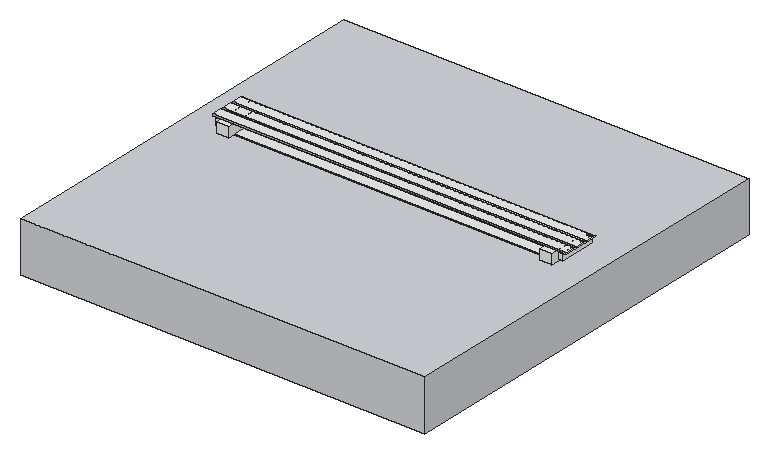
Revit family "Runtal-EB3-120D-120-Volts-84", category Mechanical Equipment, host Face, Revit 2026 (continued)
Forms (ft)
  Extrusion 73, solid, material "Metal, Paint Finish, White,Gloss", not visible
    sketch origin (0.923027, 0, 0.018283) x (0, 1, 0) y (0, 0, 1)
      loop
        line (-0.381197, 0.773542) -> (-0.325662, 0.773542) -> (-0.325662, 0.576296) -> (-0.318697, 0.576296) -> (-0.318697, 0.781154) -> (-0.372929, 0.781154) -> (-0.372929, 0.817004) -> (-0.381197, 0.817004) -> (-0.381197, 0.773542)
    from 0.931139 to 0.972806
  Extrusion 74, solid, material "Metal, Paint Finish, White,Gloss", not visible
    sketch origin (0.839694, 0, 0.018283) x (0, 1, 0) y (0, 0, 1)
      loop
        line (-0.381197, 0.773542) -> (-0.325662, 0.773542) -> (-0.325662, 0.576296) -> (-0.318697, 0.576296) -> (-0.318697, 0.781154) -> (-0.372929, 0.781154) -> (-0.372929, 0.817004) -> (-0.381197, 0.817004) -> (-0.381197, 0.773542)
    from 0.931139 to 0.972806
  Extrusion 75, solid, material "Metal, Paint Finish, White,Gloss", not visible
    sketch origin (0.756361, 0, 0.018283) x (0, 1, 0) y (0, 0, 1)
      loop
        line (-0.381197, 0.773542) -> (-0.325662, 0.773542) -> (-0.325662, 0.576296) -> (-0.318697, 0.576296) -> (-0.318697, 0.781154) -> (-0.372929, 0.781154) -> (-0.372929, 0.817004) -> (-0.381197, 0.817004) -> (-0.381197, 0.773542)
    from 0.931139 to 0.972806
  Extrusion 76, solid, material "Metal, Paint Finish, White,Gloss", not visible
    sketch origin (0.673027, 0, 0.018283) x (0, 1, 0) y (0, 0, 1)
      loop
        line (-0.381197, 0.773542) -> (-0.325662, 0.773542) -> (-0.325662, 0.576296) -> (-0.318697, 0.576296) -> (-0.318697, 0.781154) -> (-0.372929, 0.781154) -> (-0.372929, 0.817004) -> (-0.381197, 0.817004) -> (-0.381197, 0.773542)
    from 0.931139 to 0.972806
  Extrusion 77, solid, material "Metal, Paint Finish, White,Gloss", not visible
    sketch origin (0.589694, 0, 0.018283) x (0, 1, 0) y (0, 0, 1)
      loop
        line (-0.381197, 0.773542) -> (-0.325662, 0.773542) -> (-0.325662, 0.576296) -> (-0.318697, 0.576296) -> (-0.318697, 0.781154) -> (-0.372929, 0.781154) -> (-0.372929, 0.817004) -> (-0.381197, 0.817004) -> (-0.381197, 0.773542)
    from 0.931139 to 0.972806
  Extrusion 78, solid, material "Metal, Paint Finish, White,Gloss", not visible
    sketch origin (0.506361, 0, 0.018283) x (0, 1, 0) y (0, 0, 1)
      loop
        line (-0.381197, 0.773542) -> (-0.325662, 0.773542) -> (-0.325662, 0.576296) -> (-0.318697, 0.576296) -> (-0.318697, 0.781154) -> (-0.372929, 0.781154) -> (-0.372929, 0.817004) -> (-0.381197, 0.817004) -> (-0.381197, 0.773542)
    from 0.931139 to 0.972806
  Extrusion 79, solid, material "Metal, Paint Finish, White,Gloss", not visible
    sketch origin (0.423027, 0, 0.018283) x (0, 1, 0) y (0, 0, 1)
      loop
        line (-0.381197, 0.773542) -> (-0.325662, 0.773542) -> (-0.325662, 0.576296) -> (-0.318697, 0.576296) -> (-0.318697, 0.781154) -> (-0.372929, 0.781154) -> (-0.372929, 0.817004) -> (-0.381197, 0.817004) -> (-0.381197, 0.773542)
    from 0.931139 to 0.972806
  Extrusion 80, solid, material "Metal, Paint Finish, White,Gloss", not visible
    sketch origin (0.339694, 0, 0.018283) x (0, 1, 0) y (0, 0, 1)
      loop
        line (-0.381197, 0.773542) -> (-0.325662, 0.773542) -> (-0.325662, 0.576296) -> (-0.318697, 0.576296) -> (-0.318697, 0.781154) -> (-0.372929, 0.781154) -> (-0.372929, 0.817004) -> (-0.381197, 0.817004) -> (-0.381197, 0.773542)
    from 0.931139 to 0.972806
  Extrusion 81, solid, material "Metal, Paint Finish, White,Gloss", not visible
    sketch origin (0.256361, 0, 0.018283) x (0, 1, 0) y (0, 0, 1)
      loop
        line (-0.381197, 0.773542) -> (-0.325662, 0.773542) -> (-0.325662, 0.576296) -> (-0.318697, 0.576296) -> (-0.318697, 0.781154) -> (-0.372929, 0.781154) -> (-0.372929, 0.817004) -> (-0.381197, 0.817004) -> (-0.381197, 0.773542)
    from 0.931139 to 0.972806
  Extrusion 82, solid, material "Metal, Paint Finish, White,Gloss", not visible
    sketch origin (0.173027, 0, 0.018283) x (0, 1, 0) y (0, 0, 1)
      loop
        line (-0.381197, 0.773542) -> (-0.325662, 0.773542) -> (-0.325662, 0.576296) -> (-0.318697, 0.576296) -> (-0.318697, 0.781154) -> (-0.372929, 0.781154) -> (-0.372929, 0.817004) -> (-0.381197, 0.817004) -> (-0.381197, 0.773542)
    from 0.931139 to 0.972806
  Extrusion 83, solid, material "Metal, Paint Finish, White,Gloss", not visible
    sketch origin (0.089694, 0, 0.018283) x (0, 1, 0) y (0, 0, 1)
      loop
        line (-0.381197, 0.773542) -> (-0.325662, 0.773542) -> (-0.325662, 0.576296) -> (-0.318697, 0.576296) -> (-0.318697, 0.781154) -> (-0.372929, 0.781154) -> (-0.372929, 0.817004) -> (-0.381197, 0.817004) -> (-0.381197, 0.773542)
    from 0.931139 to 0.972806
  Extrusion 84, solid, material "Metal, Paint Finish, White,Gloss", not visible
    sketch origin (0.006361, 0, 0.018283) x (0, 1, 0) y (0, 0, 1)
      loop
        line (-0.381197, 0.773542) -> (-0.325662, 0.773542) -> (-0.325662, 0.576296) -> (-0.318697, 0.576296) -> (-0.318697, 0.781154) -> (-0.372929, 0.781154) -> (-0.372929, 0.817004) -> (-0.381197, 0.817004) -> (-0.381197, 0.773542)
    from 0.931139 to 0.972806
  Extrusion 85, solid, material "Metal, Paint Finish, White,Gloss", not visible
    sketch origin (2, 0.25, 0) x (1, 0, 0) y (0, 0, 1)
      loop
        line (1.083333, 0.562658) -> (-5.083333, 0.562658) -> (-5.083333, 0.352293) -> (1.083333, 0.352293) -> (1.083333, 0.562658)
      loop
        line (1.083333, 0.125) -> (1.083333, 0.335365) -> (-5.083333, 0.335365) -> (-5.083333, 0.125) -> (1.083333, 0.125)
    from 0.568697 to 0.575662
  Revolve 86, solid, material "Brass", not visible
    sketch origin (3.260417, 0, -0.104261) x (0, 1, 0) y (0, 0, 1)
      loop
        line (-0.325662, 0.445089) -> (-0.325662, 0.453515) -> (-0.336948, 0.453515) -> (-0.336948, 0.43704) -> (-0.308881, 0.43704) -> (-0.308881, 0.445089) -> (-0.312297, 0.445089) -> (-0.312297, 0.453515) -> (-0.31608, 0.453515) -> (-0.31608, 0.445089) -> (-0.325662, 0.445089)
      axis (-0.308881, 0.43704) -> (-0.336948, 0.43704)
    angle from 0 to 360
  Revolve 87, solid, material "Brass", not visible
    sketch origin (3.145833, 0, -0.104261) x (0, 1, 0) y (0, 0, 1)
      loop
        line (-0.325662, 0.445089) -> (-0.325662, 0.453515) -> (-0.336948, 0.453515) -> (-0.336948, 0.43704) -> (-0.308881, 0.43704) -> (-0.308881, 0.445089) -> (-0.312297, 0.445089) -> (-0.312297, 0.453515) -> (-0.31608, 0.453515) -> (-0.31608, 0.445089) -> (-0.325662, 0.445089)
      axis (-0.308881, 0.43704) -> (-0.336948, 0.43704)
    angle from 0 to 360
  Extrusion 88, solid, material "Metal, Paint Finish, White,Gloss", not visible
    sketch origin (-0.076973, 0, 0.018283) x (0, 1, 0) y (0, 0, 1)
      loop
        line (-0.381197, 0.773542) -> (-0.325662, 0.773542) -> (-0.325662, 0.576296) -> (-0.318697, 0.576296) -> (-0.318697, 0.781154) -> (-0.372929, 0.781154) -> (-0.372929, 0.817004) -> (-0.381197, 0.817004) -> (-0.381197, 0.773542)
    from 0.931139 to 0.972806
  Extrusion 89, solid, material "Metal, Paint Finish, White,Gloss", not visible
    sketch origin (-0.160306, 0, 0.018283) x (0, 1, 0) y (0, 0, 1)
      loop
        line (-0.381197, 0.773542) -> (-0.325662, 0.773542) -> (-0.325662, 0.576296) -> (-0.318697, 0.576296) -> (-0.318697, 0.781154) -> (-0.372929, 0.781154) -> (-0.372929, 0.817004) -> (-0.381197, 0.817004) -> (-0.381197, 0.773542)
    from 0.931139 to 0.972806
  Extrusion 90, solid, material "Metal, Paint Finish, White,Gloss", not visible
    sketch origin (-0.243639, 0, 0.018283) x (0, 1, 0) y (0, 0, 1)
      loop
        line (-0.381197, 0.773542) -> (-0.325662, 0.773542) -> (-0.325662, 0.576296) -> (-0.318697, 0.576296) -> (-0.318697, 0.781154) -> (-0.372929, 0.781154) -> (-0.372929, 0.817004) -> (-0.381197, 0.817004) -> (-0.381197, 0.773542)
    from 0.931139 to 0.972806
  Extrusion 91, solid, material "Metal, Paint Finish, White,Gloss", not visible
    sketch origin (-0.326973, 0, 0.018283) x (0, 1, 0) y (0, 0, 1)
      loop
        line (-0.381197, 0.773542) -> (-0.325662, 0.773542) -> (-0.325662, 0.576296) -> (-0.318697, 0.576296) -> (-0.318697, 0.781154) -> (-0.372929, 0.781154) -> (-0.372929, 0.817004) -> (-0.381197, 0.817004) -> (-0.381197, 0.773542)
    from 0.931139 to 0.972806
  Extrusion 92, solid, material "Metal, Paint Finish, White,Gloss", not visible
    sketch origin (-0.410306, 0, 0.018283) x (0, 1, 0) y (0, 0, 1)
      loop
        line (-0.381197, 0.773542) -> (-0.325662, 0.773542) -> (-0.325662, 0.576296) -> (-0.318697, 0.576296) -> (-0.318697, 0.781154) -> (-0.372929, 0.781154) -> (-0.372929, 0.817004) -> (-0.381197, 0.817004) -> (-0.381197, 0.773542)
    from 0.931139 to 0.972806
  Extrusion 93, solid, material "Metal, Paint Finish, White,Gloss", not visible
    sketch origin (-0.493639, 0, 0.018283) x (0, 1, 0) y (0, 0, 1)
      loop
        line (-0.381197, 0.773542) -> (-0.325662, 0.773542) -> (-0.325662, 0.576296) -> (-0.318697, 0.576296) -> (-0.318697, 0.781154) -> (-0.372929, 0.781154) -> (-0.372929, 0.817004) -> (-0.381197, 0.817004) -> (-0.381197, 0.773542)
    from 0.931139 to 0.972806
  Extrusion 94, solid, material "Metal, Paint Finish, White,Gloss", not visible
    sketch origin (-0.576973, 0, 0.018283) x (0, 1, 0) y (0, 0, 1)
      loop
        line (-0.381197, 0.773542) -> (-0.325662, 0.773542) -> (-0.325662, 0.576296) -> (-0.318697, 0.576296) -> (-0.318697, 0.781154) -> (-0.372929, 0.781154) -> (-0.372929, 0.817004) -> (-0.381197, 0.817004) -> (-0.381197, 0.773542)
    from 0.931139 to 0.972806
  Extrusion 95, solid, material "Metal, Paint Finish, White,Gloss", not visible
    sketch origin (-0.660306, 0, 0.018283) x (0, 1, 0) y (0, 0, 1)
      loop
        line (-0.381197, 0.773542) -> (-0.325662, 0.773542) -> (-0.325662, 0.576296) -> (-0.318697, 0.576296) -> (-0.318697, 0.781154) -> (-0.372929, 0.781154) -> (-0.372929, 0.817004) -> (-0.381197, 0.817004) -> (-0.381197, 0.773542)
    from 0.931139 to 0.972806
  Extrusion 96, solid, material "Metal, Paint Finish, White,Gloss", not visible
    sketch origin (-0.743639, 0, 0.018283) x (0, 1, 0) y (0, 0, 1)
      loop
        line (-0.381197, 0.773542) -> (-0.325662, 0.773542) -> (-0.325662, 0.576296) -> (-0.318697, 0.576296) -> (-0.318697, 0.781154) -> (-0.372929, 0.781154) -> (-0.372929, 0.817004) -> (-0.381197, 0.817004) -> (-0.381197, 0.773542)
    from 0.931139 to 0.972806
  Extrusion 97, solid, material "Metal, Paint Finish, White,Gloss", not visible
    sketch origin (-0.826973, 0, 0.018283) x (0, 1, 0) y (0, 0, 1)
      loop
        line (-0.381197, 0.773542) -> (-0.325662, 0.773542) -> (-0.325662, 0.576296) -> (-0.318697, 0.576296) -> (-0.318697, 0.781154) -> (-0.372929, 0.781154) -> (-0.372929, 0.817004) -> (-0.381197, 0.817004) -> (-0.381197, 0.773542)
    from 0.931139 to 0.972806
  Extrusion 98, solid, material "Metal, Paint Finish, White,Gloss", not visible
    sketch origin (-0.910306, 0, 0.018283) x (0, 1, 0) y (0, 0, 1)
      loop
        line (-0.381197, 0.773542) -> (-0.325662, 0.773542) -> (-0.325662, 0.576296) -> (-0.318697, 0.576296) -> (-0.318697, 0.781154) -> (-0.372929, 0.781154) -> (-0.372929, 0.817004) -> (-0.381197, 0.817004) -> (-0.381197, 0.773542)
    from 0.931139 to 0.972806
  Extrusion 99, solid, material "Metal, Paint Finish, White,Gloss", not visible
    sketch origin (-0.993639, 0, 0.018283) x (0, 1, 0) y (0, 0, 1)
      loop
        line (-0.381197, 0.773542) -> (-0.325662, 0.773542) -> (-0.325662, 0.576296) -> (-0.318697, 0.576296) -> (-0.318697, 0.781154) -> (-0.372929, 0.781154) -> (-0.372929, 0.817004) -> (-0.381197, 0.817004) -> (-0.381197, 0.773542)
    from 0.931139 to 0.972806
  Extrusion 100, solid, material "Metal, Paint Finish, White,Gloss", not visible
    sketch origin (-1.076973, 0, 0.018283) x (0, 1, 0) y (0, 0, 1)
      loop
        line (-0.381197, 0.773542) -> (-0.325662, 0.773542) -> (-0.325662, 0.576296) -> (-0.318697, 0.576296) -> (-0.318697, 0.781154) -> (-0.372929, 0.781154) -> (-0.372929, 0.817004) -> (-0.381197, 0.817004) -> (-0.381197, 0.773542)
    from 0.931139 to 0.972806
  Extrusion 101, solid, material "Metal, Paint Finish, White,Gloss", not visible
    sketch origin (-1.160306, 0, 0.018283) x (0, 1, 0) y (0, 0, 1)
      loop
        line (-0.381197, 0.773542) -> (-0.325662, 0.773542) -> (-0.325662, 0.576296) -> (-0.318697, 0.576296) -> (-0.318697, 0.781154) -> (-0.372929, 0.781154) -> (-0.372929, 0.817004) -> (-0.381197, 0.817004) -> (-0.381197, 0.773542)
    from 0.931139 to 0.972806
  Extrusion 102, solid, material "Metal, Paint Finish, White,Gloss", not visible
    sketch origin (-1.243639, 0, 0.018283) x (0, 1, 0) y (0, 0, 1)
      loop
        line (-0.381197, 0.773542) -> (-0.325662, 0.773542) -> (-0.325662, 0.576296) -> (-0.318697, 0.576296) -> (-0.318697, 0.781154) -> (-0.372929, 0.781154) -> (-0.372929, 0.817004) -> (-0.381197, 0.817004) -> (-0.381197, 0.773542)
    from 0.931139 to 0.972806
  Extrusion 103, solid, material "Metal, Paint Finish, White,Gloss", not visible
    sketch origin (-1.326973, 0, 0.018283) x (0, 1, 0) y (0, 0, 1)
      loop
        line (-0.381197, 0.773542) -> (-0.325662, 0.773542) -> (-0.325662, 0.576296) -> (-0.318697, 0.576296) -> (-0.318697, 0.781154) -> (-0.372929, 0.781154) -> (-0.372929, 0.817004) -> (-0.381197, 0.817004) -> (-0.381197, 0.773542)
    from 0.931139 to 0.972806
  Extrusion 104, solid, material "Metal, Paint Finish, White,Gloss", not visible
    sketch origin (-1.410306, 0, 0.018283) x (0, 1, 0) y (0, 0, 1)
      loop
        line (-0.381197, 0.773542) -> (-0.325662, 0.773542) -> (-0.325662, 0.576296) -> (-0.318697, 0.576296) -> (-0.318697, 0.781154) -> (-0.372929, 0.781154) -> (-0.372929, 0.817004) -> (-0.381197, 0.817004) -> (-0.381197, 0.773542)
    from 0.931139 to 0.972806
  Extrusion 105, solid, material "Metal, Paint Finish, White,Gloss", not visible
    sketch origin (-1.493639, 0, 0.018283) x (0, 1, 0) y (0, 0, 1)
      loop
        line (-0.381197, 0.773542) -> (-0.325662, 0.773542) -> (-0.325662, 0.576296) -> (-0.318697, 0.576296) -> (-0.318697, 0.781154) -> (-0.372929, 0.781154) -> (-0.372929, 0.817004) -> (-0.381197, 0.817004) -> (-0.381197, 0.773542)
    from 0.931139 to 0.972806
  Extrusion 106, solid, material "Metal, Paint Finish, White,Gloss", not visible
    sketch origin (-1.576973, 0, 0.018283) x (0, 1, 0) y (0, 0, 1)
      loop
        line (-0.381197, 0.773542) -> (-0.325662, 0.773542) -> (-0.325662, 0.576296) -> (-0.318697, 0.576296) -> (-0.318697, 0.781154) -> (-0.372929, 0.781154) -> (-0.372929, 0.817004) -> (-0.381197, 0.817004) -> (-0.381197, 0.773542)
    from 0.931139 to 0.972806
  Extrusion 107, solid, material "Metal, Paint Finish, White,Gloss", not visible
    sketch origin (-1.660306, 0, 0.018283) x (0, 1, 0) y (0, 0, 1)
      loop
        line (-0.381197, 0.773542) -> (-0.325662, 0.773542) -> (-0.325662, 0.576296) -> (-0.318697, 0.576296) -> (-0.318697, 0.781154) -> (-0.372929, 0.781154) -> (-0.372929, 0.817004) -> (-0.381197, 0.817004) -> (-0.381197, 0.773542)
    from 0.931139 to 0.972806
  Extrusion 108, solid, material "Metal, Paint Finish, White,Gloss", not visible
    sketch origin (-1.743639, 0, 0.018283) x (0, 1, 0) y (0, 0, 1)
      loop
        line (-0.381197, 0.773542) -> (-0.325662, 0.773542) -> (-0.325662, 0.576296) -> (-0.318697, 0.576296) -> (-0.318697, 0.781154) -> (-0.372929, 0.781154) -> (-0.372929, 0.817004) -> (-0.381197, 0.817004) -> (-0.381197, 0.773542)
    from 0.931139 to 0.972806
  Extrusion 109, solid, material "Metal, Paint Finish, White,Gloss", not visible
    sketch origin (-1.826973, 0, 0.018283) x (0, 1, 0) y (0, 0, 1)
      loop
        line (-0.381197, 0.773542) -> (-0.325662, 0.773542) -> (-0.325662, 0.576296) -> (-0.318697, 0.576296) -> (-0.318697, 0.781154) -> (-0.372929, 0.781154) -> (-0.372929, 0.817004) -> (-0.381197, 0.817004) -> (-0.381197, 0.773542)
    from 0.931139 to 0.972806
  Extrusion 110, solid, material "Metal, Paint Finish, White,Gloss", not visible
    sketch origin (-1.910306, 0, 0.018283) x (0, 1, 0) y (0, 0, 1)
      loop
        line (-0.381197, 0.773542) -> (-0.325662, 0.773542) -> (-0.325662, 0.576296) -> (-0.318697, 0.576296) -> (-0.318697, 0.781154) -> (-0.372929, 0.781154) -> (-0.372929, 0.817004) -> (-0.381197, 0.817004) -> (-0.381197, 0.773542)
    from 0.931139 to 0.972806
  Extrusion 111, solid, material "Metal, Paint Finish, White,Gloss", not visible
    sketch origin (-1.993639, 0, 0.018283) x (0, 1, 0) y (0, 0, 1)
      loop
        line (-0.381197, 0.773542) -> (-0.325662, 0.773542) -> (-0.325662, 0.576296) -> (-0.318697, 0.576296) -> (-0.318697, 0.781154) -> (-0.372929, 0.781154) -> (-0.372929, 0.817004) -> (-0.381197, 0.817004) -> (-0.381197, 0.773542)
    from 0.931139 to 0.972806
  Extrusion 112, solid, material "Metal, Paint Finish, White,Gloss", not visible
    sketch origin (-2.076973, 0, 0.018283) x (0, 1, 0) y (0, 0, 1)
      loop
        line (-0.381197, 0.773542) -> (-0.325662, 0.773542) -> (-0.325662, 0.576296) -> (-0.318697, 0.576296) -> (-0.318697, 0.781154) -> (-0.372929, 0.781154) -> (-0.372929, 0.817004) -> (-0.381197, 0.817004) -> (-0.381197, 0.773542)
    from 0.931139 to 0.972806
  Extrusion 113, solid, material "Metal, Paint Finish, White,Gloss", not visible
    sketch origin (-2.160306, 0, 0.018283) x (0, 1, 0) y (0, 0, 1)
      loop
        line (-0.381197, 0.773542) -> (-0.325662, 0.773542) -> (-0.325662, 0.576296) -> (-0.318697, 0.576296) -> (-0.318697, 0.781154) -> (-0.372929, 0.781154) -> (-0.372929, 0.817004) -> (-0.381197, 0.817004) -> (-0.381197, 0.773542)
    from 0.931139 to 0.972806
  Extrusion 114, solid, material "Metal, Paint Finish, White,Gloss", not visible
    sketch origin (-2.243639, 0, 0.018283) x (0, 1, 0) y (0, 0, 1)
      loop
        line (-0.381197, 0.773542) -> (-0.325662, 0.773542) -> (-0.325662, 0.576296) -> (-0.318697, 0.576296) -> (-0.318697, 0.781154) -> (-0.372929, 0.781154) -> (-0.372929, 0.817004) -> (-0.381197, 0.817004) -> (-0.381197, 0.773542)
    from 0.931139 to 0.972806
  Extrusion 115, solid, material "Metal, Paint Finish, White,Gloss", not visible
    sketch origin (-2.326973, 0, 0.018283) x (0, 1, 0) y (0, 0, 1)
      loop
        line (-0.381197, 0.773542) -> (-0.325662, 0.773542) -> (-0.325662, 0.576296) -> (-0.318697, 0.576296) -> (-0.318697, 0.781154) -> (-0.372929, 0.781154) -> (-0.372929, 0.817004) -> (-0.381197, 0.817004) -> (-0.381197, 0.773542)
    from 0.931139 to 0.972806
  Extrusion 116, solid, material "Metal, Paint Finish, White,Gloss", not visible
    sketch origin (-2.410306, 0, 0.018283) x (0, 1, 0) y (0, 0, 1)
      loop
        line (-0.381197, 0.773542) -> (-0.325662, 0.773542) -> (-0.325662, 0.576296) -> (-0.318697, 0.576296) -> (-0.318697, 0.781154) -> (-0.372929, 0.781154) -> (-0.372929, 0.817004) -> (-0.381197, 0.817004) -> (-0.381197, 0.773542)
    from 0.931139 to 0.972806
  Extrusion 117, solid, material "Metal, Paint Finish, White,Gloss", not visible
    sketch origin (-2.493639, 0, 0.018283) x (0, 1, 0) y (0, 0, 1)
      loop
        line (-0.381197, 0.773542) -> (-0.325662, 0.773542) -> (-0.325662, 0.576296) -> (-0.318697, 0.576296) -> (-0.318697, 0.781154) -> (-0.372929, 0.781154) -> (-0.372929, 0.817004) -> (-0.381197, 0.817004) -> (-0.381197, 0.773542)
    from 0.931139 to 0.972806
  Extrusion 118, solid, material "Metal, Paint Finish, White,Gloss", not visible
    sketch origin (-2.576973, 0, 0.018283) x (0, 1, 0) y (0, 0, 1)
      loop
        line (-0.381197, 0.773542) -> (-0.325662, 0.773542) -> (-0.325662, 0.576296) -> (-0.318697, 0.576296) -> (-0.318697, 0.781154) -> (-0.372929, 0.781154) -> (-0.372929, 0.817004) -> (-0.381197, 0.817004) -> (-0.381197, 0.773542)
    from 0.931139 to 0.972806
  Extrusion 119, solid, material "Metal, Paint Finish, White,Gloss", not visible
    sketch origin (-2.660306, 0, 0.018283) x (0, 1, 0) y (0, 0, 1)
      loop
        line (-0.381197, 0.773542) -> (-0.325662, 0.773542) -> (-0.325662, 0.576296) -> (-0.318697, 0.576296) -> (-0.318697, 0.781154) -> (-0.372929, 0.781154) -> (-0.372929, 0.817004) -> (-0.381197, 0.817004) -> (-0.381197, 0.773542)
    from 0.931139 to 0.972806
  Extrusion 120, solid, material "Metal, Paint Finish, White,Gloss", not visible
    sketch origin (-2.743639, 0, 0.018283) x (0, 1, 0) y (0, 0, 1)
      loop
        line (-0.381197, 0.773542) -> (-0.325662, 0.773542) -> (-0.325662, 0.576296) -> (-0.318697, 0.576296) -> (-0.318697, 0.781154) -> (-0.372929, 0.781154) -> (-0.372929, 0.817004) -> (-0.381197, 0.817004) -> (-0.381197, 0.773542)
    from 0.931139 to 0.972806
  Extrusion 121, solid, material "Metal, Paint Finish, White,Gloss", not visible
    sketch origin (-2.826973, 0, 0.018283) x (0, 1, 0) y (0, 0, 1)
      loop
        line (-0.381197, 0.773542) -> (-0.325662, 0.773542) -> (-0.325662, 0.576296) -> (-0.318697, 0.576296) -> (-0.318697, 0.781154) -> (-0.372929, 0.781154) -> (-0.372929, 0.817004) -> (-0.381197, 0.817004) -> (-0.381197, 0.773542)
    from 0.931139 to 0.972806
  Extrusion 122, solid, material "Metal, Paint Finish, White,Gloss", not visible
    sketch origin (-2.910306, 0, 0.018283) x (0, 1, 0) y (0, 0, 1)
      loop
        line (-0.381197, 0.773542) -> (-0.325662, 0.773542) -> (-0.325662, 0.576296) -> (-0.318697, 0.576296) -> (-0.318697, 0.781154) -> (-0.372929, 0.781154) -> (-0.372929, 0.817004) -> (-0.381197, 0.817004) -> (-0.381197, 0.773542)
    from 0.931139 to 0.972806
  Extrusion 123, solid, material "Metal, Paint Finish, White,Gloss", not visible
    sketch origin (-2.993639, 0, 0.018283) x (0, 1, 0) y (0, 0, 1)
      loop
        line (-0.381197, 0.773542) -> (-0.325662, 0.773542) -> (-0.325662, 0.576296) -> (-0.318697, 0.576296) -> (-0.318697, 0.781154) -> (-0.372929, 0.781154) -> (-0.372929, 0.817004) -> (-0.381197, 0.817004) -> (-0.381197, 0.773542)
    from 0.931139 to 0.972806
  Extrusion 124, solid, material "Metal, Paint Finish, White,Gloss", not visible
    sketch origin (-2.5, 0, 0) x (0, 1, 0) y (0, 0, 1)
      loop
        line (-0.495781, 0.125) -> (-0.381197, 0.125) -> (-0.381197, 0.835286) -> (-0.495781, 0.835286) -> (-0.495781, 0.814453) -> (-0.506197, 0.814453) -> (-0.506197, 0.6455) -> (-0.495781, 0.6455) -> (-0.495781, 0.562658) -> (-0.506197, 0.562658) -> (-0.506197, 0.402366) -> (-0.495781, 0.402366) -> (-0.495781, 0.325113) -> (-0.506197, 0.325113) -> (-0.506197, 0.164821) -> (-0.495781, 0.164821) -> (-0.495781, 0.125)
    from -0.9375 to -0.822917
  Extrusion 125, solid, material "Metal, Paint Finish, White,Gloss", not visible
    sketch origin (-2.5, 0, 0) x (0, 1, 0) y (0, 0, 1)
      loop
        line (-0.506197, 0.562658) -> (-0.506197, 0) -> (-0.318697, 0) -> (-0.318697, 0.562658) -> (-0.506197, 0.562658)
    from -0.822917 to -0.583333
  Revolve 126, solid, material "Brass", not visible
    sketch origin (-3.260417, 0, -0.104261) x (0, 1, 0) y (0, 0, -1)
      loop
        line (-0.325662, -0.445089) -> (-0.31608, -0.445089) -> (-0.31608, -0.453515) -> (-0.312297, -0.453515) -> (-0.312297, -0.445089) -> (-0.308881, -0.445089) -> (-0.308881, -0.43704) -> (-0.336948, -0.43704) -> (-0.336948, -0.453515) -> (-0.325662, -0.453515) -> (-0.325662, -0.445089)
      axis (-0.308881, -0.43704) -> (-0.336948, -0.43704)
    angle from 0 to 360
  Revolve 127, solid, material "Brass", not visible
    sketch origin (-3.145833, 0, -0.104261) x (0, 1, 0) y (0, 0, -1)
      loop
        line (-0.325662, -0.445089) -> (-0.31608, -0.445089) -> (-0.31608, -0.453515) -> (-0.312297, -0.453515) -> (-0.312297, -0.445089) -> (-0.308881, -0.445089) -> (-0.308881, -0.43704) -> (-0.336948, -0.43704) -> (-0.336948, -0.453515) -> (-0.325662, -0.453515) -> (-0.325662, -0.445089)
      axis (-0.308881, -0.43704) -> (-0.336948, -0.43704)
    angle from 0 to 360
  Extrusion 128, solid, material "Metal, Paint Finish, White,Gloss", not visible
    sketch origin (-3.076973, 0, 0.018283) x (0, 1, 0) y (0, 0, 1)
      loop
        line (-0.381197, 0.773542) -> (-0.325662, 0.773542) -> (-0.325662, 0.576296) -> (-0.318697, 0.576296) -> (-0.318697, 0.781154) -> (-0.372929, 0.781154) -> (-0.372929, 0.817004) -> (-0.381197, 0.817004) -> (-0.381197, 0.773542)
    from 0.931139 to 0.972806
  Extrusion 129, solid, material "Metal, Paint Finish, White,Gloss", not visible
    sketch origin (-3.160306, 0, 0.018283) x (0, 1, 0) y (0, 0, 1)
      loop
        line (-0.381197, 0.773542) -> (-0.325662, 0.773542) -> (-0.325662, 0.576296) -> (-0.318697, 0.576296) -> (-0.318697, 0.781154) -> (-0.372929, 0.781154) -> (-0.372929, 0.817004) -> (-0.381197, 0.817004) -> (-0.381197, 0.773542)
    from 0.931139 to 0.972806
  Extrusion 130, solid, material "Metal, Paint Finish, White,Gloss", not visible
    sketch origin (-3.243639, 0, 0.018283) x (0, 1, 0) y (0, 0, 1)
      loop
        line (-0.381197, 0.773542) -> (-0.325662, 0.773542) -> (-0.325662, 0.576296) -> (-0.318697, 0.576296) -> (-0.318697, 0.781154) -> (-0.372929, 0.781154) -> (-0.372929, 0.817004) -> (-0.381197, 0.817004) -> (-0.381197, 0.773542)
    from 0.931139 to 0.972806
  Extrusion 131, solid, material "Metal, Paint Finish, White,Gloss", not visible
    sketch origin (-3.326973, 0, 0.018283) x (0, 1, 0) y (0, 0, 1)
      loop
        line (-0.381197, 0.773542) -> (-0.325662, 0.773542) -> (-0.325662, 0.576296) -> (-0.318697, 0.576296) -> (-0.318697, 0.781154) -> (-0.372929, 0.781154) -> (-0.372929, 0.817004) -> (-0.381197, 0.817004) -> (-0.381197, 0.773542)
    from 0.931139 to 0.972806
  Extrusion 132, solid, material "Metal, Paint Finish, White,Gloss", not visible
    sketch origin (-3.410306, 0, 0.018283) x (0, 1, 0) y (0, 0, 1)
      loop
        line (-0.381197, 0.773542) -> (-0.325662, 0.773542) -> (-0.325662, 0.576296) -> (-0.318697, 0.576296) -> (-0.318697, 0.781154) -> (-0.372929, 0.781154) -> (-0.372929, 0.817004) -> (-0.381197, 0.817004) -> (-0.381197, 0.773542)
    from 0.931139 to 0.972806
  Extrusion 133, solid, material "Metal, Paint Finish, White,Gloss", not visible
    sketch origin (-3.493639, 0, 0.018283) x (0, 1, 0) y (0, 0, 1)
      loop
        line (-0.381197, 0.773542) -> (-0.325662, 0.773542) -> (-0.325662, 0.576296) -> (-0.318697, 0.576296) -> (-0.318697, 0.781154) -> (-0.372929, 0.781154) -> (-0.372929, 0.817004) -> (-0.381197, 0.817004) -> (-0.381197, 0.773542)
    from 0.931139 to 0.972806
  Extrusion 134, solid, material "Metal, Paint Finish, White,Gloss", not visible
    sketch origin (-3.576973, 0, 0.018283) x (0, 1, 0) y (0, 0, 1)
      loop
        line (-0.381197, 0.773542) -> (-0.325662, 0.773542) -> (-0.325662, 0.576296) -> (-0.318697, 0.576296) -> (-0.318697, 0.781154) -> (-0.372929, 0.781154) -> (-0.372929, 0.817004) -> (-0.381197, 0.817004) -> (-0.381197, 0.773542)
    from 0.931139 to 0.972806
  Extrusion 135, solid, material "Metal, Paint Finish, White,Gloss", not visible
    sketch origin (-3.660306, 0, 0.018283) x (0, 1, 0) y (0, 0, 1)
      loop
        line (-0.381197, 0.773542) -> (-0.325662, 0.773542) -> (-0.325662, 0.576296) -> (-0.318697, 0.576296) -> (-0.318697, 0.781154) -> (-0.372929, 0.781154) -> (-0.372929, 0.817004) -> (-0.381197, 0.817004) -> (-0.381197, 0.773542)
    from 0.931139 to 0.972806
  Extrusion 136, solid, material "Metal, Paint Finish, White,Gloss", not visible
    sketch origin (-3.743639, 0, 0.018283) x (0, 1, 0) y (0, 0, 1)
      loop
        line (-0.381197, 0.773542) -> (-0.325662, 0.773542) -> (-0.325662, 0.576296) -> (-0.318697, 0.576296) -> (-0.318697, 0.781154) -> (-0.372929, 0.781154) -> (-0.372929, 0.817004) -> (-0.381197, 0.817004) -> (-0.381197, 0.773542)
    from 0.931139 to 0.972806
  Extrusion 137, solid, material "Metal, Paint Finish, White,Gloss", not visible
    sketch origin (-3.826973, 0, 0.018283) x (0, 1, 0) y (0, 0, 1)
      loop
        line (-0.381197, 0.773542) -> (-0.325662, 0.773542) -> (-0.325662, 0.576296) -> (-0.318697, 0.576296) -> (-0.318697, 0.781154) -> (-0.372929, 0.781154) -> (-0.372929, 0.817004) -> (-0.381197, 0.817004) -> (-0.381197, 0.773542)
    from 0.931139 to 0.972806
  Extrusion 138, solid, material "Metal, Paint Finish, White,Gloss", not visible
    sketch origin (-3.910306, 0, 0.018283) x (0, 1, 0) y (0, 0, 1)
      loop
        line (-0.381197, 0.773542) -> (-0.325662, 0.773542) -> (-0.325662, 0.576296) -> (-0.318697, 0.576296) -> (-0.318697, 0.781154) -> (-0.372929, 0.781154) -> (-0.372929, 0.817004) -> (-0.381197, 0.817004) -> (-0.381197, 0.773542)
    from 0.931139 to 0.972806
  Extrusion 139, solid, material "Metal, Paint Finish, White,Gloss", not visible
    sketch origin (-3.993639, 0, 0.018283) x (0, 1, 0) y (0, 0, 1)
      loop
        line (-0.381197, 0.773542) -> (-0.325662, 0.773542) -> (-0.325662, 0.576296) -> (-0.318697, 0.576296) -> (-0.318697, 0.781154) -> (-0.372929, 0.781154) -> (-0.372929, 0.817004) -> (-0.381197, 0.817004) -> (-0.381197, 0.773542)
    from 0.931139 to 0.972806
  Extrusion 140, solid, material "UHMW, White", not visible
    sketch origin (-1.041667, -0.18718, -4.570916) x (0, 1, 0) y (0, 0, 1)
      loop
        line (-0.25, 4.705771) -> (-0.25, 4.914105)
        arc (-0.25, 4.914105) -> (-0.260417, 4.924521) -> (-0.270833, 4.914105) r 0.010417
        line (-0.270833, 4.914105) -> (-0.270833, 4.705771)
        arc (-0.270833, 4.705771) -> (-0.260417, 4.695355) -> (-0.25, 4.705771) r 0.010417
      loop
        line (-0.25, 5.195766) -> (-0.25, 5.4041)
        arc (-0.25, 5.4041) -> (-0.260417, 5.414516) -> (-0.270833, 5.4041) r 0.010417
        line (-0.270833, 5.4041) -> (-0.270833, 5.195766)
        arc (-0.270833, 5.195766) -> (-0.260417, 5.18535) -> (-0.25, 5.195766) r 0.010417
      loop
        line (-0.25, 4.950769) -> (-0.25, 5.159102)
        arc (-0.25, 5.159102) -> (-0.260417, 5.169519) -> (-0.270833, 5.159102) r 0.010417
        line (-0.270833, 5.159102) -> (-0.270833, 4.950769)
        arc (-0.270833, 4.950769) -> (-0.260417, 4.940352) -> (-0.25, 4.950769) r 0.010417
    from -0.458333 to 2.541667
  Extrusion 141, solid, material "UHMW, White", not visible
    sketch origin (-0.5, -0.025018, -0.40425) x (0, 1, 0) y (0, 0, 1)
      loop
        line (-0.401746, 1.04975) -> (-0.391329, 1.04975) -> (-0.391329, 1.218703) -> (-0.401746, 1.218703) -> (-0.401746, 1.04975)
    from -0.875 to 1.822917
  Extrusion 142, solid, material "UHMW, White", not visible
    sketch origin (-0.5, 0.069017, 0) x (0, 1, 0) y (0, 0, 1)
      loop
        line (-0.495781, 0.125) -> (-0.372589, 0.125) -> (-0.372589, 0.831573)
        arc (-0.372589, 0.831573) -> (-0.376155, 0.840183) -> (-0.384766, 0.84375) r 0.012177
        line (-0.384766, 0.84375) -> (-0.486488, 0.84375)
        arc (-0.486488, 0.84375) -> (-0.493059, 0.841028) -> (-0.495781, 0.834457) r 0.009293
        line (-0.495781, 0.834457) -> (-0.495781, 0.814453) -> (-0.506197, 0.814453) -> (-0.506197, 0.6455) -> (-0.495781, 0.6455) -> (-0.495781, 0.562658) -> (-0.506197, 0.562658) -> (-0.506197, 0.402366) -> (-0.495781, 0.402366) -> (-0.495781, 0.325113) -> (-0.506197, 0.325113) -> (-0.506197, 0.164821) -> (-0.495781, 0.164821) -> (-0.495781, 0.125)
    from -0.9375 to -0.822917
  Extrusion 143, solid, material "UHMW, White", not visible
    sketch origin (0.5, 0.069017, 0) x (0, 1, 0) y (0, 0, -1)
      loop
        line (-0.495781, -0.125) -> (-0.495781, -0.164821) -> (-0.506197, -0.164821) -> (-0.506197, -0.325113) -> (-0.495781, -0.325113) -> (-0.495781, -0.402366) -> (-0.506197, -0.402366) -> (-0.506197, -0.562658) -> (-0.495781, -0.562658) -> (-0.495781, -0.6455) -> (-0.506197, -0.6455) -> (-0.506197, -0.814453) -> (-0.495781, -0.814453) -> (-0.495781, -0.834457)
        arc (-0.495781, -0.834457) -> (-0.493059, -0.841028) -> (-0.486488, -0.84375) r 0.009293
        line (-0.486488, -0.84375) -> (-0.384766, -0.84375)
        arc (-0.384766, -0.84375) -> (-0.376155, -0.840183) -> (-0.372589, -0.831573) r 0.012177
        line (-0.372589, -0.831573) -> (-0.372589, -0.125) -> (-0.495781, -0.125)
    from -0.9375 to -0.822917
  Extrusion 144, solid, material "UHMW, White", not visible
    sketch origin (0.5, 0.069017, 0) x (0, 1, 0) y (0, 0, -1)
      loop
        line (-0.506197, -0.562658) -> (-0.318697, -0.562658) -> (-0.318697, 0) -> (-0.506197, 0) -> (-0.506197, -0.562658)
    from -0.822917 to -0.583333
  Revolve 145, solid, material "Brass", not visible
    sketch origin (1.260417, 0.069017, -0.104261) x (0, 1, 0) y (0, 0, 1)
      loop
        line (-0.325662, 0.445089) -> (-0.325662, 0.453515) -> (-0.336948, 0.453515) -> (-0.336948, 0.43704) -> (-0.308881, 0.43704) -> (-0.308881, 0.445089) -> (-0.312297, 0.445089) -> (-0.312297, 0.453515) -> (-0.31608, 0.453515) -> (-0.31608, 0.445089) -> (-0.325662, 0.445089)
      axis (-0.308881, 0.43704) -> (-0.336948, 0.43704)
    angle from 0 to 360
  Revolve 146, solid, material "Brass", not visible
    sketch origin (1.145833, 0.069017, -0.104261) x (0, 1, 0) y (0, 0, 1)
      loop
        line (-0.325662, 0.445089) -> (-0.325662, 0.453515) -> (-0.336948, 0.453515) -> (-0.336948, 0.43704) -> (-0.308881, 0.43704) -> (-0.308881, 0.445089) -> (-0.312297, 0.445089) -> (-0.312297, 0.453515) -> (-0.31608, 0.453515) -> (-0.31608, 0.445089) -> (-0.325662, 0.445089)
      axis (-0.308881, 0.43704) -> (-0.336948, 0.43704)
    angle from 0 to 360
  Extrusion 147, solid, material "UHMW, White", not visible
    sketch origin (-0.5, 0.069017, 0) x (0, 1, 0) y (0, 0, 1)
      loop
        line (-0.506197, 0.562658) -> (-0.506197, 0) -> (-0.318697, 0) -> (-0.318697, 0.562658) -> (-0.506197, 0.562658)
    from -0.822917 to -0.583333
  Revolve 148, solid, material "Brass", not visible
    sketch origin (-1.260417, 0.069017, -0.104261) x (0, 1, 0) y (0, 0, -1)
      loop
        line (-0.325662, -0.445089) -> (-0.31608, -0.445089) -> (-0.31608, -0.453515) -> (-0.312297, -0.453515) -> (-0.312297, -0.445089) -> (-0.308881, -0.445089) -> (-0.308881, -0.43704) -> (-0.336948, -0.43704) -> (-0.336948, -0.453515) -> (-0.325662, -0.453515) -> (-0.325662, -0.445089)
      axis (-0.308881, -0.43704) -> (-0.336948, -0.43704)
    angle from 0 to 360
  Revolve 149, solid, material "Brass", not visible
    sketch origin (-1.145833, 0.069017, -0.104261) x (0, 1, 0) y (0, 0, -1)
      loop
        line (-0.325662, -0.445089) -> (-0.31608, -0.445089) -> (-0.31608, -0.453515) -> (-0.312297, -0.453515) -> (-0.312297, -0.445089) -> (-0.308881, -0.445089) -> (-0.308881, -0.43704) -> (-0.336948, -0.43704) -> (-0.336948, -0.453515) -> (-0.325662, -0.453515) -> (-0.325662, -0.445089)
      axis (-0.308881, -0.43704) -> (-0.336948, -0.43704)
    angle from 0 to 360
  Extrusion 150, solid, material "UHMW, Black", not visible
    sketch origin (0.668821, 0.204881, -2.098472) x (1, 0, 0) y (0, 0, 1)
      loop
        line (0.708333, 2.877872) -> (0.713524, 2.877872) -> (0.713524, 2.890207)
        arc (0.713524, 2.890207) -> (0.715314, 2.892214) -> (0.717512, 2.890664) r 0.00202
        arc (0.717512, 2.890664) -> (0.71826, 2.889215) -> (0.719214, 2.887891) r 0.011057
        line (0.719214, 2.887891) -> (0.725319, 2.887891) -> (0.720987, 2.897182)
        arc (0.720987, 2.897182) -> (0.719614, 2.898304) -> (0.717887, 2.898705) r 0.003916
        line (0.717887, 2.898705) -> (0.710745, 2.898705)
        arc (0.710745, 2.898705) -> (0.709048, 2.898078) -> (0.708333, 2.896415) r 0.002293
        line (0.708333, 2.896415) -> (0.708333, 2.877872)
      loop
        line (0.731141, 2.877774) -> (0.74104, 2.877774) -> (0.74104, 2.89849)
        arc (0.74104, 2.89849) -> (0.738534, 2.900031) -> (0.736028, 2.89849) r 0.002809
        line (0.736028, 2.89849) -> (0.736028, 2.885662)
        arc (0.736028, 2.885662) -> (0.733992, 2.883626) -> (0.731957, 2.885662) r 0.002035
        line (0.731957, 2.885662) -> (0.727801, 2.899254)
        arc (0.727801, 2.899254) -> (0.725054, 2.900623) -> (0.723542, 2.897951) r 0.00223
        line (0.723542, 2.897951) -> (0.727487, 2.882129)
        arc (0.727487, 2.882129) -> (0.728812, 2.87953) -> (0.731141, 2.877774) r 0.006484
      loop
        line (0.742333, 2.877872) -> (0.747173, 2.877872) -> (0.747173, 2.890683)
        arc (0.747173, 2.890683) -> (0.748421, 2.892641) -> (0.750481, 2.891569) r 0.001719
        line (0.750481, 2.891569) -> (0.754367, 2.880892)
        arc (0.754367, 2.880892) -> (0.756691, 2.878393) -> (0.760104, 2.878321) r 0.00438
        line (0.760104, 2.878321) -> (0.755518, 2.895437)
        arc (0.755518, 2.895437) -> (0.75456, 2.897748) -> (0.752249, 2.898705) r 0.003268
        line (0.752249, 2.898705) -> (0.744217, 2.898705)
        arc (0.744217, 2.898705) -> (0.742885, 2.898154) -> (0.742333, 2.896822) r 0.001884
        line (0.742333, 2.896822) -> (0.742333, 2.877872)
      loop
        line (0.762343, 2.877872) -> (0.766226, 2.877872) -> (0.766226, 2.890244)
        arc (0.766226, 2.890244) -> (0.766685, 2.891486) -> (0.767841, 2.89213) r 0.001908
        line (0.767841, 2.89213) -> (0.777246, 2.89213)
        arc (0.777246, 2.89213) -> (0.779414, 2.889961) -> (0.777246, 2.887793) r 0.002169
        line (0.777246, 2.887793) -> (0.772456, 2.887793)
        arc (0.772456, 2.887793) -> (0.770789, 2.887102) -> (0.770099, 2.885436) r 0.002357
        line (0.770099, 2.885436) -> (0.770099, 2.879734)
        arc (0.770099, 2.879734) -> (0.771426, 2.878814) -> (0.773033, 2.878666) r 0.003173
        line (0.773033, 2.878666) -> (0.781219, 2.878666)
        arc (0.781219, 2.878666) -> (0.78313, 2.879458) -> (0.783922, 2.881369) r 0.002703
        line (0.783922, 2.881369) -> (0.783922, 2.89277)
        arc (0.783922, 2.89277) -> (0.782854, 2.895348) -> (0.780275, 2.896416) r 0.003646
        line (0.780275, 2.896416) -> (0.768185, 2.896416)
        arc (0.768185, 2.896416) -> (0.7668, 2.89699) -> (0.766226, 2.898376) r 0.00196
        line (0.766226, 2.898376) -> (0.766226, 2.901709)
        arc (0.766226, 2.901709) -> (0.764003, 2.903931) -> (0.761781, 2.901709) r 0.002222
        line (0.761781, 2.901709) -> (0.761781, 2.896305)
        arc (0.761781, 2.896305) -> (0.76034, 2.894864) -> (0.758372, 2.894336) r 0.003936
        arc (0.758372, 2.894336) -> (0.757269, 2.893233) -> (0.758372, 2.89213) r 0.001103
        arc (0.758372, 2.89213) -> (0.760535, 2.891682) -> (0.762343, 2.890413) r 0.00545
        line (0.762343, 2.890413) -> (0.762343, 2.877872)
      loop
        spline (0.773678, 2.88358) -> (0.773774, 2.8831) -> (0.774057, 2.882653) -> (0.774507, 2.88227) -> (0.775093, 2.881975) -> (0.775775, 2.88179) -> (0.776508, 2.881727) -> (0.77724, 2.88179) -> (0.777923, 2.881975) -> (0.778509, 2.88227) -> (0.778958, 2.882653) -> (0.779241, 2.8831) -> (0.779338, 2.88358)
        spline (0.779338, 2.88358) -> (0.779241, 2.88406) -> (0.778958, 2.884507) -> (0.778509, 2.88489) -> (0.777923, 2.885185) -> (0.77724, 2.88537) -> (0.776508, 2.885433) -> (0.775775, 2.88537) -> (0.775093, 2.885185) -> (0.774507, 2.88489) -> (0.774057, 2.884507) -> (0.773774, 2.88406) -> (0.773678, 2.88358)
      loop
        line (0.784855, 2.877872) -> (0.789512, 2.877872) -> (0.789512, 2.901585)
        arc (0.789512, 2.901585) -> (0.787184, 2.903914) -> (0.784855, 2.901585) r 0.002329
        line (0.784855, 2.901585) -> (0.784855, 2.877872)
    from 0.662875 to 0.66343
  Extrusion 151, solid, material "UHMW, White", not visible
    sketch origin (0, 0.00032, 0) x (1, 0, 0) y (0, 1, 0)
      loop
        arc (-1.310172, -0.303891) -> (-1.319184, -0.307624) -> (-1.322917, -0.316636) r 0.012745
        line (-1.322917, -0.316636) -> (-1.322917, -0.424778)
        arc (-1.322917, -0.424778) -> (-1.319191, -0.433774) -> (-1.310195, -0.4375) r 0.012722
        line (-1.310195, -0.4375) -> (1.31024, -0.4375)
        arc (1.31024, -0.4375) -> (1.319204, -0.433787) -> (1.322917, -0.424823) r 0.012677
        line (1.322917, -0.424823) -> (1.322917, -0.316313)
        arc (1.322917, -0.316313) -> (1.319278, -0.30753) -> (1.310495, -0.303891) r 0.012422
        line (1.310495, -0.303891) -> (-1.310172, -0.303891)
    from 0.835286 to 0.84375
  Extrusion 152, solid, material "UHMW, White", not visible
    sketch origin (0, 0.00032, 0) x (0, 1, 0) y (0, 0, 1)
      loop
        line (-0.25, 0.562658) -> (-0.259683, 0.562658) -> (-0.259683, 0.369436) -> (-0.25, 0.369436) -> (-0.25, 0.562658)
      loop
        line (-0.25, 0.353257) -> (-0.259683, 0.353257) -> (-0.259683, 0.124438) -> (-0.25, 0.124438) -> (-0.25, 0.353257)
    from -1.083333 to 1.083333
Lines and regions (ft)
  model lines, not visible
    curve 1: line (-0.230561, -0.565309, 0.625) -> (-0.230561, -0.476153, 0.625)
Dimensions and locks (ft)
  equal spacing: group 82, group 81, group 80, group 79, group 78, group 77, group 76, group 75, group 74, group 73, group 72, group 71
  equal spacing: group 71, group 72, group 73, group 74, group 75, group 76, group 77, group 78, group 79, group 80, group 81, group 82  (x2)
  aligned and locked: plane 2 to Extrusion 1
  aligned and locked: level to Extrusion 1
  aligned and locked: level to nested 2
  aligned and locked: Extrusion 27 to Extrusion 19
  aligned and locked: Extrusion 27 to Extrusion 22
  aligned and locked: Extrusion 22 to plane 2
  aligned and locked: plane 1 "Center (Front/Back)" to Extrusion 22
Nested families (ft)
  nested 1: "EB3_Plan_coarse" at (0, 0, 0) x (-1, 0, 0) z (0, -1, 0), type "EB3_Plan_coarse"
    with width 7.000 ft
  nested 2: "EB3_Plan_medium" at (0, 0, 0) x (-1, 0, 0) z (0, -1, 0), type "EB3_Plan_medium"
    with width 7.000 ft
  nested 3: "Family Grilles" at (2.822917, -0.330729, 0.84375) x (-1, 0, 0) z (0, 0, 1), type "Family Grilles", not visible, detail levels fine
    with finLength 5.645833 ft, Right# 338, Left# 338
  nested 4: "Family Grilles" at (3.322917, 0.84375, 0.080729) x (-1, 0, 0) z (0, 1, 0), type "Family Grilles 2", detail levels fine
    with finLength 6.645833 ft, Right# 398, Left# 398
  nested 5: "Family Grilles" at (3.322917, -0.330729, 0.84375) x (-1, 0, 0) z (0, 0, 1), type "Family Grilles 2", not visible, detail levels fine
    with finLength 6.645833 ft, Right# 398, Left# 398
  nested 6: "Family Grilles" at (1.325195, -0.33041, 0.84375) x (-1, 0, 0) z (0, 0, 1), type "Family Grilles 2", not visible
    with finLength 6.645833 ft, Right# 398, Left# 398
  nested 7: "Family Fins" at (-1.082275, -0.416347, 0.151953), type "Family Fins", not visible
    with finLength 2.166667 ft, fin# 33
Definition of nested family "Family Fins"
  Parameters
    finLength = 1.416667 ft
    fin# = rounddown((finLength) / 0.065583 ft)  # 21
    fin = none
    fHeight = 0.458333 ft
    Default Elevation = 0.000 ft  # constant formula
  Reference planes (ft)
    plane 1 "Center (Front/Back)": y = 0
    plane 2 "Stick": z = 0
    plane 3 "Center (Left/Right)": x = 0
    plane 4: x = 1.416667
  Forms (ft)
    Extrusion 1, solid
      sketch origin (0, 0, 0) x (1, 0, 0) y (0, 1, 0)
        loop
          line (-4, 4) -> (-4, -4) -> (4, -4) -> (4, 4) -> (-4, 4)
      from 0 to -1
  Dimensions and locks (ft)
    "finLength": plane 3 "Center (Left/Right)" to plane 4
    equal spacing: group 1, group 2, group 3, group 4, group 5, group 6, group 7, group 8, group 9, group 10, group 11, group 12, group 13, group 14, group 15, group 16, group 17, group 18, group 19, group 20, group 21  (x3)
    aligned and locked: plane 2 "Stick" to Extrusion 1
    aligned and locked: level to Extrusion 1
  Automatic sketch dimensions
    Extrusion 1 sketch curve to Extrusion 1 sketch curve = 8.000 ft  (x2)
  Nested families (ft)
    nested 1: "Family Lamelle" at (0.032792, 0, 0), type "Family Lamelle"
    nested 2: "Family Lamelle" at (0.098375, 0, 0), type "Family Lamelle"
    nested 3: "Family Lamelle" at (0.163958, 0, 0), type "Family Lamelle"
    nested 4: "Family Lamelle" at (0.229542, 0, 0), type "Family Lamelle"
    nested 5: "Family Lamelle" at (0.295125, 0, 0), type "Family Lamelle"
    nested 6: "Family Lamelle" at (0.360708, 0, 0), type "Family Lamelle"
    nested 7: "Family Lamelle" at (0.426292, 0, 0), type "Family Lamelle"
    nested 8: "Family Lamelle" at (0.491875, 0, 0), type "Family Lamelle"
    nested 9: "Family Lamelle" at (0.557458, 0, 0), type "Family Lamelle"
    nested 10: "Family Lamelle" at (0.623042, 0, 0), type "Family Lamelle"
    nested 11: "Family Lamelle" at (0.688625, 0, 0), type "Family Lamelle"
    nested 12: "Family Lamelle" at (0.754208, 0, 0), type "Family Lamelle"
    nested 13: "Family Lamelle" at (0.819792, 0, 0), type "Family Lamelle"
    nested 14: "Family Lamelle" at (0.885375, 0, 0), type "Family Lamelle"
    nested 15: "Family Lamelle" at (0.950958, 0, 0), type "Family Lamelle"
    nested 16: "Family Lamelle" at (1.016542, 0, 0), type "Family Lamelle"
    nested 17: "Family Lamelle" at (1.082125, 0, 0), type "Family Lamelle"
    nested 18: "Family Lamelle" at (1.147708, 0, 0), type "Family Lamelle"
    nested 19: "Family Lamelle" at (1.213292, 0, 0), type "Family Lamelle"
    nested 20: "Family Lamelle" at (1.278875, 0, 0), type "Family Lamelle"
    nested 21: "Family Lamelle" at (1.344458, 0, 0), type "Family Lamelle"
  Definition of nested family "Family Lamelle"
    Parameters
      fHeight = 0.574902 ft
      Fin = none
      Default Elevation = 4.000 ft
    Reference planes (ft)
      plane 1 "Center (Front/Back)": y = 0
      plane 2: z = 0
      plane 3 "Center (Left/Right)": x = 0
    Forms (ft)
      Extrusion 1, solid
        sketch origin (0, 0, 0) x (1, 0, 0) y (0, 1, 0)
          loop
            line (-4, 4) -> (-4, -4) -> (4, -4) -> (4, 4) -> (-4, 4)
        from 0 to -1
      Sweep 2, solid, material <- "Fin"
        path origin (0, 0, 0) x (1, 0, 0) y (0, 0, 1)
          loop
            line (0, 0) -> (0, 0.683333)
        profile "PF Lamelle : PF Lamelle" origin (0, 0, 0.341667) x (-1, 0, 0) y (0, -1, 0)
          loop
            line (0.032792, 0) -> (0.013875, 0) -> (0.013875, -0.109833) -> (-0.013875, -0.109833) -> (-0.013875, 0) -> (-0.032792, 0) -> (-0.032792, -0.003333) -> (-0.017208, -0.003333) -> (-0.017208, -0.113167) -> (0.017208, -0.113167) -> (0.017208, -0.003333) -> (0.032792, -0.003333) -> (0.032792, 0)
    Dimensions and locks (ft)
      aligned and locked: plane 2 to Extrusion 1
      aligned and locked: level to Extrusion 1
Definition of nested family "EB3_Plan_coarse"
  Parameters
    width = 3.000 ft
  Reference planes (ft)
    plane 1 "Center (Front/Back)": y = 0
    plane 2: z = 0
    plane 3 "Center (Left/Right)": x = 0
    plane 4: x = -1.5
    plane 5: x = 1.5
    plane 6: x = -1.322917
    plane 7: x = 1.322917
  Lines and regions (ft)
    Masking region 1, in view "Ref. Level", detail levels coarse
      outline origin (-3.851678, -1.620117, 0) x (1, 0, 0) y (0, 1, 0)
        loop
          line (2.351678, 1.411784) -> (5.351678, 1.411784) -> (5.351678, 1.432617) -> (5.289178, 1.432617) -> (5.289178, 1.566226) -> (5.174595, 1.566226) -> (5.174595, 1.620117) -> (2.528762, 1.620117) -> (2.528762, 1.566226) -> (2.414178, 1.566226) -> (2.414178, 1.432617) -> (2.351678, 1.432617) -> (2.351678, 1.411784)
    detail lines, in view "Ref. Level", detail levels coarse
      curve 1: line (-1.322917, 0, 0) -> (-1.322917, -0.053891, 0)
      curve 2: line (-1.322917, -0.053891, 0) -> (-1.4375, -0.053891, 0)
      curve 3: line (-1.4375, -0.053891, 0) -> (-1.4375, -0.1875, 0)
      curve 4: line (-1.5, -0.1875, 0) -> (-1.5, -0.208333, 0)
      curve 5: line (1.322917, 0, 0) -> (-1.322917, 0, 0)
      curve 6: line (-1.4375, -0.1875, 0) -> (-1.5, -0.1875, 0)
      curve 7: line (-1.5, -0.208333, 0) -> (1.5, -0.208333, 0)
      curve 8: line (1.322917, 0, 0) -> (1.322917, -0.053891, 0)
      curve 9: line (1.322917, -0.053891, 0) -> (1.4375, -0.053891, 0)
      curve 10: line (1.4375, -0.053891, 0) -> (1.4375, -0.1875, 0)
      curve 11: line (1.5, -0.1875, 0) -> (1.5, -0.208333, 0)
      curve 12: line (1.4375, -0.1875, 0) -> (1.5, -0.1875, 0)
    detail lines, in view "Ref. Level", not visible
      curve 13: line (-1.322917, 0, 0) -> (-1.322917, -0.053891, 0)
      curve 14: line (-1.322917, -0.053891, 0) -> (-1.4375, -0.053891, 0)
      curve 15: line (-1.4375, -0.053891, 0) -> (-1.4375, -0.1875, 0)
      curve 16: line (-1.5, -0.1875, 0) -> (-1.5, -0.208333, 0)
      curve 17: line (-1.4375, -0.1875, 0) -> (-1.5, -0.1875, 0)
    detail lines, in view "Ref. Level", not visible, detail levels coarse
      curve 18: line (-1.322917, 0, 0) -> (-1.322917, -0.053891, 0)
      curve 19: line (-1.322917, -0.053891, 0) -> (-1.4375, -0.053891, 0)
      curve 20: line (-1.4375, -0.053891, 0) -> (-1.4375, -0.1875, 0)
      curve 21: line (-1.5, -0.1875, 0) -> (-1.5, -0.208333, 0)
      curve 22: line (-1.4375, -0.1875, 0) -> (-1.5, -0.1875, 0)
      curve 23: line (1.322917, 0, 0) -> (1.322917, -0.053891, 0)
      curve 24: line (1.322917, -0.053891, 0) -> (1.4375, -0.053891, 0)
      curve 25: line (1.4375, -0.053891, 0) -> (1.4375, -0.1875, 0)
      curve 26: line (1.5, -0.1875, 0) -> (1.5, -0.208333, 0)
      curve 27: line (1.4375, -0.1875, 0) -> (1.5, -0.1875, 0)
  Dimensions and locks (ft)
    equal spacing: plane 4, plane 3 "Center (Left/Right)", plane 5
    "width": plane 4 to plane 5
    locked: plane 4 to plane 6 at 0.177083
    locked: plane 7 to plane 5 at 0.177083
    aligned and locked: plane 4 to curve 4
    aligned and locked: plane 6 to curve 1
    aligned and locked: plane 5 to curve 11
    aligned and locked: plane 7 to curve 8
    aligned and locked: plane 6 to curve 5
    aligned and locked: plane 4 to curve 7
    aligned and locked: plane 5 to curve 7
    aligned and locked: curve 5 to curve 8
    aligned and locked: Masking region 1 sketch curve to curve 7
    aligned and locked: Masking region 1 sketch curve to curve 5
    aligned and locked: Masking region 1 sketch curve to curve 1
    aligned and locked: Masking region 1 sketch curve to curve 2
    aligned and locked: Masking region 1 sketch curve to curve 3
    aligned and locked: Masking region 1 sketch curve to curve 6
    aligned and locked: Masking region 1 sketch curve to curve 4
    aligned and locked: curve 8 to Masking region 1 sketch curve
    aligned and locked: Masking region 1 sketch curve to curve 9
    aligned and locked: Masking region 1 sketch curve to curve 11
  Automatic sketch dimensions
    plane 1 "Center (Front/Back)" to curve 7 = 0.208333 ft
    plane 1 "Center (Front/Back)" to curve 5 = 0.000 ft
    Masking region 1 sketch curve to Masking region 1 sketch curve = 0.0625 ft
    Masking region 1 sketch curve to Masking region 1 sketch curve = 0.020833 ft
Definition of nested family "EB3_Plan_medium"
  Parameters
    width = 4.000 ft
  Reference planes (ft)
    plane 1 "Center (Front/Back)": y = 0
    plane 2: z = 0
    plane 3 "Center (Left/Right)": x = 0
    plane 4: x = -2
    plane 5: x = 2
    plane 6: x = -1.822917
    plane 7: x = 1.822917
    plane 8: x = -1.583333
    plane 9: x = 1.583333
  Lines and regions (ft)
    Masking region 1, in view "Ref. Level", detail levels medium+fine
      outline origin (-3.851678, -1.620117, 0) x (1, 0, 0) y (0, 1, 0)
        loop
          line (1.851678, 1.411784) -> (5.851678, 1.411784) -> (5.851678, 1.432617) -> (5.789178, 1.432617) -> (5.789178, 1.566226) -> (5.674595, 1.566226) -> (5.674595, 1.620117) -> (2.028762, 1.620117) -> (2.028762, 1.566226) -> (1.914178, 1.566226) -> (1.914178, 1.432617) -> (1.851678, 1.432617) -> (1.851678, 1.411784)
    detail lines, in view "Ref. Level", detail levels medium+fine
      curve 1: line (-1.822917, 0, 0) -> (-1.822917, -0.053891, 0)
      curve 2: line (-1.822917, -0.053891, 0) -> (-1.9375, -0.053891, 0)
      curve 3: line (-1.9375, -0.053891, 0) -> (-1.9375, -0.1875, 0)
      curve 4: line (-2, -0.1875, 0) -> (-2, -0.208333, 0)
      curve 5: line (1.822917, 0, 0) -> (-1.822917, 0, 0)
      curve 6: line (-1.9375, -0.1875, 0) -> (-2, -0.1875, 0)
      curve 7: line (-2, -0.208333, 0) -> (2, -0.208333, 0)
      curve 8: line (1.822917, 0, 0) -> (1.822917, -0.053891, 0)
      curve 9: line (1.822917, -0.053891, 0) -> (1.9375, -0.053891, 0)
      curve 10: line (1.9375, -0.053891, 0) -> (1.9375, -0.1875, 0)
      curve 11: line (2, -0.1875, 0) -> (2, -0.208333, 0)
      curve 12: line (1.9375, -0.1875, 0) -> (2, -0.1875, 0)
      curve 28: line (-1.9375, -0.053891, 0) -> (-1.822917, -0.053891, 0)
      curve 29: line (-1.9375, -0.177083, 0) -> (-1.9375, -0.053891, 0)
      curve 30: line (-1.822917, -0.177083, 0) -> (-1.9375, -0.177083, 0)
      curve 31: line (-1.822917, -0.053891, 0) -> (-1.822917, -0.177083, 0)
      curve 32: line (-1.9375, -0.177083, 0) -> (-1.822917, -0.177083, 0)
      curve 33: line (-1.9375, -0.1875, 0) -> (-1.9375, -0.177083, 0)
      curve 34: line (-1.822917, -0.1875, 0) -> (-1.9375, -0.1875, 0)
      curve 35: line (-1.822917, -0.177083, 0) -> (-1.822917, -0.1875, 0)
      curve 36: line (-2, -0.1875, 0) -> (2, -0.1875, 0)
      curve 37: line (-2, -0.208333, 0) -> (-2, -0.1875, 0)
      curve 39: line (2, -0.1875, 0) -> (2, -0.208333, 0)
      curve 40: line (1.822917, -0.053891, 0) -> (1.9375, -0.053891, 0)
      curve 41: line (1.822917, -0.177083, 0) -> (1.822917, -0.053891, 0)
      curve 42: line (1.9375, -0.177083, 0) -> (1.822917, -0.177083, 0)
      curve 43: line (1.9375, -0.053891, 0) -> (1.9375, -0.177083, 0)
      curve 44: line (1.822917, -0.177083, 0) -> (1.9375, -0.177083, 0)
      curve 45: line (1.822917, -0.1875, 0) -> (1.822917, -0.177083, 0)
      curve 46: line (1.9375, -0.1875, 0) -> (1.822917, -0.1875, 0)
      curve 47: line (1.9375, -0.177083, 0) -> (1.9375, -0.1875, 0)
      curve 48: line (1.583333, -0.009683, 0) -> (-1.583333, -0.009683, 0)
      curve 49: line (1.583333, 0, 0) -> (1.583333, -0.009683, 0)
      curve 50: line (-1.822917, 0, 0) -> (1.822917, 0, 0)
      curve 51: line (-1.583333, -0.009683, 0) -> (-1.583333, 0, 0)
      curve 52: line (-1.822599, -0.0705, 0) -> (-1.822599, -0.171359, 0)
      curve 53: line (1.822917, -0.053891, 0) -> (-1.822917, -0.053891, 0)
      curve 54: line (1.822917, -0.170833, 0) -> (1.822917, -0.070558, 0)
      curve 55: line (1.583333, 0, 0) -> (1.822917, 0, 0)
      curve 56: line (1.583333, -0.053891, 0) -> (1.583333, 0, 0)
      curve 57: line (1.80625, -0.053891, 0) -> (1.583333, -0.053891, 0)
      curve 58: line (1.822917, 0, 0) -> (1.822917, -0.053891, 0)
      curve 59: line (-1.583333, -0.054007, 0) -> (-1.806106, -0.054007, 0)
      curve 60: line (-1.583333, 0, 0) -> (-1.583333, -0.054007, 0)
      curve 61: line (-1.822917, 0, 0) -> (-1.583333, 0, 0)
      curve 62: line (-1.822917, -0.053891, 0) -> (-1.822917, 0, 0)
      curve 63: arc (-1.806106, -0.054007, 0) -> (-1.817768, -0.058838, 0) -> (-1.822599, -0.0705, 0) r 0.016493
      curve 64: arc (-1.822599, -0.171359, 0) -> (-1.817538, -0.182803, 0) -> (-1.80594, -0.1875, 0) r 0.016667
      curve 65: arc (1.822917, -0.070558, 0) -> (1.818035, -0.058773, 0) -> (1.80625, -0.053891, 0) r 0.016667
      curve 66: arc (1.80625, -0.1875, 0) -> (1.818035, -0.182618, 0) -> (1.822917, -0.170833, 0) r 0.016667
    detail lines, in view "Ref. Level", not visible
      curve 13: line (-1.322917, 0, 0) -> (-1.322917, -0.053891, 0)
      curve 14: line (-1.322917, -0.053891, 0) -> (-1.4375, -0.053891, 0)
      curve 15: line (-1.4375, -0.053891, 0) -> (-1.4375, -0.1875, 0)
      curve 16: line (-1.5, -0.1875, 0) -> (-1.5, -0.208333, 0)
      curve 17: line (-1.4375, -0.1875, 0) -> (-1.5, -0.1875, 0)
    detail lines, in view "Ref. Level", not visible, detail levels medium+fine
      curve 18: line (-1.322917, 0, 0) -> (-1.322917, -0.053891, 0)
      curve 19: line (-1.322917, -0.053891, 0) -> (-1.4375, -0.053891, 0)
      curve 20: line (-1.4375, -0.053891, 0) -> (-1.4375, -0.1875, 0)
      curve 21: line (-1.5, -0.1875, 0) -> (-1.5, -0.208333, 0)
      curve 22: line (-1.4375, -0.1875, 0) -> (-1.5, -0.1875, 0)
      curve 23: line (1.322917, 0, 0) -> (1.322917, -0.053891, 0)
      curve 24: line (1.322917, -0.053891, 0) -> (1.4375, -0.053891, 0)
      curve 25: line (1.4375, -0.053891, 0) -> (1.4375, -0.1875, 0)
      curve 26: line (1.5, -0.1875, 0) -> (1.5, -0.208333, 0)
      curve 27: line (1.4375, -0.1875, 0) -> (1.5, -0.1875, 0)
      curve 67: line (-1.32543, -1.793627, 0) -> (-1.210847, -1.793627, 0)
      curve 68: line (-1.32543, -1.916819, 0) -> (-1.32543, -1.793627, 0)
      curve 69: line (-1.210847, -1.916819, 0) -> (-1.32543, -1.916819, 0)
      curve 70: line (-1.210847, -1.793627, 0) -> (-1.210847, -1.916819, 0)
      curve 71: line (-1.32543, -1.916819, 0) -> (-1.210847, -1.916819, 0)
      curve 72: line (-1.32543, -1.927236, 0) -> (-1.32543, -1.916819, 0)
      curve 73: line (-1.210847, -1.927236, 0) -> (-1.32543, -1.927236, 0)
      curve 74: line (-1.210847, -1.916819, 0) -> (-1.210847, -1.927236, 0)
      curve 75: line (-1.38793, -1.948069, 0) -> (-1.38793, -1.927236, 0)
      curve 76: line (-0.971263, -1.749419, 0) -> (-0.971263, -1.739736, 0)
      curve 77: line (-1.210529, -1.810236, 0) -> (-1.210529, -1.911095, 0)
      curve 78: line (-0.971263, -1.793743, 0) -> (-1.194035, -1.793743, 0)
      curve 79: line (-0.971263, -1.739736, 0) -> (-0.971263, -1.793743, 0)
      curve 80: line (-1.210847, -1.739736, 0) -> (-0.971263, -1.739736, 0)
      curve 81: line (-1.210847, -1.793627, 0) -> (-1.210847, -1.739736, 0)
      curve 82: arc (-1.194035, -1.793743, 0) -> (-1.205698, -1.798573, 0) -> (-1.210529, -1.810236, 0) r 0.016493
      curve 83: arc (-1.210529, -1.911095, 0) -> (-1.205468, -1.922538, 0) -> (-1.19387, -1.927236, 0) r 0.016667
      curve 84: line (1.61207, -1.927236, 0) -> (1.61207, -1.948069, 0)
      curve 85: line (1.434987, -1.793627, 0) -> (1.54957, -1.793627, 0)
